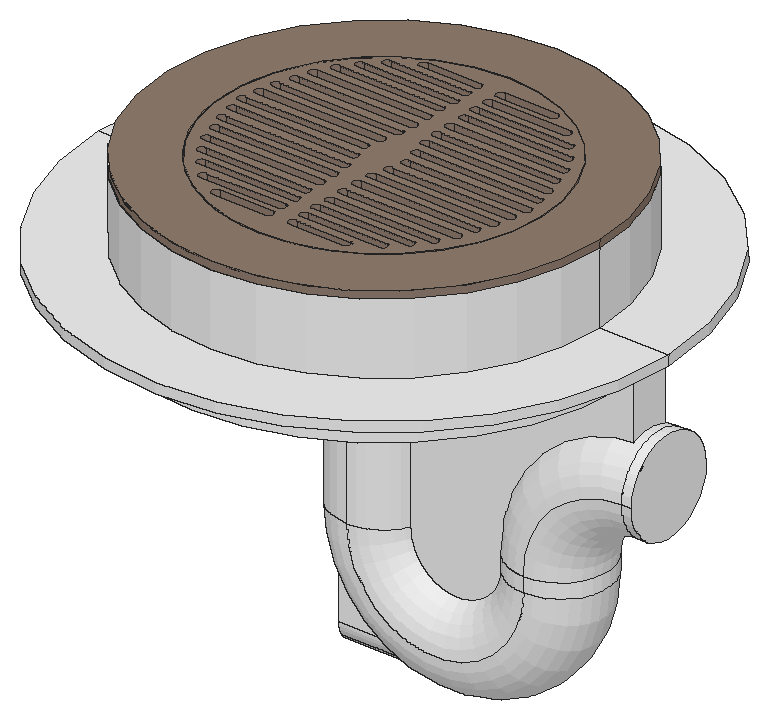
Revit family "Drain_Thoroflush_Zurn-Z300", category Plumbing Fixtures, Revit 2022
Family settings
  Round Connector Dimension = Use Radius
  Part Type = Normal
  OmniClass Number = 23.45.55.21
  OmniClass Title = Drains (Wastes)
  Work Plane-Based = No
  Always vertical = Yes
  Cut with Voids When Loaded = No
  Maintain Annotation Orientation = No
  Shared = No
  Room Calculation Point = No
Parameters (values of type "ZB300-2 Inch Threaded Outlet")
  Width = 14.500"
  Waste Connection = 0 = 0  # yes
  WFU = 1  # constant formula
  Vent Connection = 0 = 1  # no
  URL = "www.zurn.com"
  Type Comments = ""
  Trap Depth = 3.375"
  Trap Connection Radius (Nominal) = 0.250"  # constant formula
  Trap Connection Radius (Inner) = 0.311"  # constant formula
  Trap Connection Radius (Actual) = 0.420"  # constant formula
  Thoroflush Drain = 11.000"
  Product data url = "https://www.bimobject.com/en/zurnindustries/product/zurn-z300"
  Product Page URL = "https://www.zurn.com/products/drainage-interceptors/floor-drains/integral-trap-drains/z300"
  Product Installation Sheet = "https://files.zurn.com/spec-sheets/z300.pdf"
  Product Documentation Link = "https://files.zurn.com/care-cleaning-install-warranty-sheets/fd17-(1).pdf"
  Pipe to Pipe Distance = 4.500"
  Outlet Trap Radius  (Nominal) = 0.375"  # constant formula
  Outlet Trap Radius (Actual) = 0.525"  # constant formula
  Outlet Trap Radius  (Inner) = 0.412"  # constant formula
  Modified Date = "11/26/2025"  # constant formula
  Model = "ZB300"
  Manufacurer Brand = "Zurn"  # constant formula
  Manufacturer = "Zurn Water, LLC"  # constant formula
  Frame and Grate = Bronze - Zurn - Polished
  HWFU = 0  # constant formula
  HW Connection = 0 = 1  # no
  Grate Open Area Sq.in = 18.000"  # constant formula
  Distance to Pipe Face = 7.250"
  Dimension m = 3.000"
  Description = "THOROFLUSH DRAIN"  # constant formula
  Default Elevation = 25.000"  # constant formula
  Date Created = "11/13/2018"  # constant formula
  Connector Radius = [A_ Pipe Size (Nominal)] / 2  # 1.000"
  CWFU = 0  # constant formula
  Main Material = Cast Iron - Zurn - White A.R.E Coated - Interior
  CW Connection = 0 = 1  # no
  Body Height = 9.250"
  Assembly Code = "D2030300"
  Approx. Weight (Lbs) = 50.000"  # constant formula
  A_ Pipe Size (Nominal) = 2.000"
  A_ Pipe Size (Actual-Outer) = 1.188"
  A_ Pipe Size (Actual-Inner) = 1.034"
Types (7): name | Width | Trap Depth | Product Installation Sheet | Product Documentation Link | Pipe to Pipe Distance | Model | Frame and Grate | Distance to Pipe Face | Dimension m | Connector Radius | Body Height | A_ Pipe Size (Nominal) | A_ Pipe Size (Actual-Outer) | A_ Pipe Size (Actual-Inner)
  (no name) | 14.500" | 3.375" | "https://files.zurn.com/spec-sheets/z300.pdf" | "https://files.zurn.com/care-cleaning-install-warranty-sheets/fd17-(1).pdf" | 4.500" | "ZB300" | Bronze - Zurn - Polished | 7.250" | 3.000" | 1.000" | 9.250" | 2.000" | 1.188" | 1.034"
  ZB300-2 Inch Threaded Outlet | 14.500" | 3.375" | "https://files.zurn.com/spec-sheets/z300.pdf" | "https://files.zurn.com/care-cleaning-install-warranty-sheets/fd17-(1).pdf" | 4.500" | "ZB300" | Bronze - Zurn - Polished | 7.250" | 3.000" | 1.000" | 9.250" | 2.000" | 1.188" | 1.034"
  ZB300-3 Inch Threaded Outlet | 14.500" | 3.875" | "https://files.zurn.com/care-cleaning-install-warranty-sheets/fd17-(1).pdf" | "https://files.zurn.com/spec-sheets/z300.pdf" | 4.500" | "ZB300" | Bronze - Zurn - Polished | 7.250" | 2.500" | 1.500" | 9.250" | 3.000" | 1.750" | 1.534"
  ZB300-4 Inch Threaded Outlet | 15.500" | 4.688" | "https://files.zurn.com/care-cleaning-install-warranty-sheets/fd17-(1).pdf" | "https://files.zurn.com/spec-sheets/z300.pdf" | 5.000" | "ZB300" | Bronze - Zurn - Polished | 8.250" | 3.000" | 2.000" | 11.750" | 4.000" | 2.250" | 2.013"
  ZN300-2 Inch Threaded Outlet | 14.500" | 3.375" | "https://files.zurn.com/spec-sheets/z300.pdf" | "https://files.zurn.com/care-cleaning-install-warranty-sheets/fd17-(1).pdf" | 4.500" | "ZN300" | Bronze - Zurn - Polished Nickel | 7.250" | 3.000" | 1.000" | 9.250" | 2.000" | 1.188" | 1.034"
  ZN300-3 Inch Threaded Outlet | 14.500" | 3.875" | "https://files.zurn.com/care-cleaning-install-warranty-sheets/fd17-(1).pdf" | "https://files.zurn.com/spec-sheets/z300.pdf" | 4.500" | "ZN300" | Bronze - Zurn - Polished Nickel | 7.250" | 2.500" | 1.500" | 9.250" | 3.000" | 1.750" | 1.534"
  ZN300-4 Inch Threaded Outlet | 15.500" | 4.688" | "https://files.zurn.com/care-cleaning-install-warranty-sheets/fd17-(1).pdf" | "https://files.zurn.com/spec-sheets/z300.pdf" | 5.000" | "ZN300" | Bronze - Zurn - Polished Nickel | 8.250" | 3.000" | 2.000" | 11.750" | 4.000" | 2.250" | 2.013"
Reference planes (in)
  plane 1 "Center (Front/Back)": y = 0
  plane 2: z = 0
  plane 3 "Center (Left/Right)": x = 0
  plane 4: x = -7.25
  plane 5: x = 7.25
  plane 6: x = -5.5
  plane 7: x = 5.5
  plane 8: z = -2
  plane 9: z = -5
  plane 10: z = -11.25
  plane 11: z = -3.812
  plane 12: z = -6.188
  plane 13: x = -6.11012
  plane 14: x = -1.188
  plane 15: x = -3.5625
  plane 16: z = -7.875
  plane 17: z = -4.375
  plane 18: x = 2.25
  plane 19: x = 4.5
  plane 20: y = 0.5
  plane 21: y = -0.5
  plane 22: z = -10.687
  plane 23: z = -9.125
  plane 24: x = -0.75
  plane 25: x = -0.781
  plane 26: z = -10.83
  plane 27: z = -2.25
  plane 28: x = 6.75
  plane 29: z = -7.24592
  plane 30: z = -3.125
  plane 31: z = -3.188
  plane 32: x = -6.25
  plane 33: x = -5.25
  plane 34: x = 7.25
  plane 35: z = -0.1875
  plane 36: x = 6.75
  plane 37: y = 4
  plane 38: y = -4
  plane 39: y = 2.66667
  plane 40: y = 1.33333
  plane 41: y = -1.33333
  plane 42: y = -2.66667
  plane 43: y = 1.188
  plane 44: y = -1.188
  plane 45: x = -5.25
  plane 46: x = -4.725
  plane 47: x = -5.775
  plane 48: y = 0.76196
  plane 49: y = -0.938
  plane 50: z = -10.41
  plane 51: y = 0.42
  plane 52: y = -0.42
  plane 53: y = 0.525
  plane 54: y = -0.525
  plane 55: z = -10.125
Forms (in)
  Revolve 1, solid, material "Cast Iron - Zurn - White A.R.E Coated - Interior" <- "Main Material", detail levels fine
    sketch origin (0, 0, 0.00133) x (1, 0, 0) y (0, 0, 1)
      loop
        line (-5.5, -0.18883) -> (-5.5, -2.00133) -> (-7.25, -2.00133) -> (-7.25, -2.25133) -> (-6.11012, -2.25133) -> (-6.11012, -3.12633) -> (-3.5625, -3.12633) -> (-1.188, -4.37633) -> (0, -4.37633) -> (0, -0.18883) -> (-5.5, -0.18883)
      axis (0, -0.18883) -> (0, -4.37633)
    angle from 0 to 360
  Sweep 2, solid, material "Cast Iron - Zurn - White A.R.E Coated - Interior" <- "Main Material", detail levels fine
    path origin (-0.0018, 0, -0.00391) x (1, 0, 0) y (0, 0, 1)
      loop
        line (0.0018, -4.37109) -> (0.0018, -7.87109)
        arc (0.0018, -7.87109) -> (2.2518, -10.12109) -> (4.5018, -7.87109) r 2.25
        line (4.5018, -7.87109) -> (4.5018, -7.49609)
        arc (4.5018, -7.49609) -> (5.23403, -5.72833) -> (7.0018, -4.99609) r 2.5
        line (7.0018, -4.99609) -> (7.2518, -4.99609)
    profile origin (0, 0, -6.125) x (0, -1, 0) y (1, 0, 0)
      loop
        circle (0, 0) r 1.188
  Extrusion 3, solid, material "Cast Iron - Zurn - White A.R.E Coated - Interior" <- "Main Material", detail levels fine
    sketch origin (0, 0, 0) x (0, 1, 0) y (0, 0, 1)
      loop
        line (0.5, -10.687) -> (0.5, -9.125) -> (-0.5, -9.125) -> (-0.5, -10.687)
        arc (-0.5, -10.687) -> (0, -11.187) -> (0.5, -10.687) r 0.5
    from -0.75 to 2.25
  Extrusion 4, solid, material "Cast Iron - Zurn - White A.R.E Coated - Interior" <- "Main Material", detail levels fine
    sketch origin (0, 0, 0) x (0, 1, 0) y (0, 0, 1)
      loop
        circle (0, -10.83) r 0.42
    from -0.781 to 2.25
  Extrusion 5, solid, material "Cast Iron - Zurn - White A.R.E Coated - Interior" <- "Main Material", detail levels fine
    sketch origin (0, 0, 0) x (1, 0, 0) y (0, 0, 1)
      loop
        line (6.75, -2.25) -> (0, -2.25) -> (0, -7.875)
        arc (0, -7.875) -> (2.25, -10.125) -> (4.5, -7.875) r 2.25
        line (4.5, -7.875) -> (4.5, -7.25)
        arc (4.5, -7.25) -> (5.15901, -5.65901) -> (6.75, -5) r 2.25
        line (6.75, -5) -> (6.75, -2.25)
    from -0.5 to 0.5
  Extrusion 6, solid, material "Cast Iron - Zurn - White A.R.E Coated - Interior" <- "Main Material", detail levels fine
    sketch origin (0, 0, 0) x (1, 0, 0) y (0, 1, 0)
      loop
        circle (-5.25, 0) r 0.525
    from -3.188 to -2
  Extrusion 7, solid, material "Bronze - Zurn - Polished" <- "Frame and Grate", detail levels fine
    sketch origin (0, 0, 0) x (1, 0, 0) y (0, 1, 0)
      loop
        circle (0, 0) r 5.5
    from -0.1875 to 0
  Extrusion 8, void
    sketch origin (0, 0, 0) x (0, 1, 0) y (1, 0, 0)
      loop
        circle (0, 0) r 4
    from 0 to 0.1875
Cuts and joins
  Extrusion 8 cuts Revolve 1
  Extrusion 8 cuts Sweep 2
  Extrusion 8 cuts Extrusion 3
  Extrusion 8 cuts Extrusion 5
  Extrusion 8 cuts Extrusion 7
Lines and regions (in)
  Masking region 1, detail levels fine
    outline origin (-12.24864, -180, -5) x (-1, 0, 0) y (0, -1, 0)
      loop
        circle (-12.24864, -180) r 7.25
  model lines, detail levels coarse+medium
    curve 1: circle (0, 0, 0) r 5.5 normal (0, 0, 1)
    curve 2: circle (0, 0, 0) r 4 normal (0, 0, 1)
    curve 3: line (-2.98142, 2.66667, 0) -> (2.98142, 2.66667, 0)
    curve 4: line (-3.77124, 1.33333, 0) -> (3.77124, 1.33333, 0)
    curve 5: line (-4, 0, 0) -> (4, 0, 0)
    curve 6: line (-3.77124, -1.33333, 0) -> (3.77124, -1.33333, 0)
    curve 7: line (-2.98142, -2.66667, 0) -> (2.98142, -2.66667, 0)
    curve 8: line (0, 0, 0) -> (0, 0, -7.875)
    curve 9: arc (0, 0, -7.875) -> (2.25, 0, -10.125) -> (4.5, 0, -7.875) r 2.25
    curve 10: arc (4.5, 0, -7.875) -> (5.00885, 0, -5.60901) -> (7.25, 0, -5) r 2.25
    curve 11: line (7.25, 0, -3.812) -> (7.25, 0, -6.188)
    curve 12: line (7.25, 1.188, -5) -> (7.25, -1.188, -5)
    curve 13: line (-5.25, 0, -2) -> (0, 0, -2)
    curve 14: line (-5.25, 0, -2) -> (-5.25, 0, -3.188)
    curve 15: line (-0.781, 0, -10.41) -> (-0.781, 0, -11.25)
    curve 16: line (-0.781, 0, -10.83) -> (2.25, 0, -10.83)
    curve 17: line (-0.781, 0.42, -10.83) -> (-0.781, -0.42, -10.83)
    curve 18: line (-5.775, 0, -3.188) -> (-4.725, 0, -3.188)
    curve 19: line (-5.25, 0.525, -3.188) -> (-5.25, -0.525, -3.188)
    curve 20: line (2.25, 0, -10.125) -> (2.25, 0, -10.83)
Dimensions and locks (in)
  equal spacing: plane 5, plane 3 "Center (Left/Right)", plane 4
  "Width": plane 5 to plane 4
  equal spacing: plane 7, plane 3 "Center (Left/Right)", plane 6
  "Thoroflush Drain": plane 7 to plane 6
  locked: level to plane 8 at 2
  "Dimension m": plane 8 to plane 9
  "Body Height": plane 8 to plane 10
  "A_ Pipe Size (Actual-Outer)": plane 9 to plane 12
  "A_ Pipe Size (Actual-Outer)": plane 11 to plane 9
  "Trap Depth": plane 16 to plane 10
  level to plane 17 = 4.375"
  "A_ Pipe Size (Actual-Outer)": plane 3 "Center (Left/Right)" to plane 14
  equal spacing: plane 19, plane 18, plane 3 "Center (Left/Right)"
  "Pipe to Pipe Distance": plane 19 to plane 3 "Center (Left/Right)"
  level to plane 9 = 5.000"
  Extrusion 3 sketch curve to Extrusion 3 sketch curve = 1.000"
  equal spacing: plane 20, plane 1 "Center (Front/Back)", plane 21
  plane 20 to plane 1 "Center (Front/Back)" = 0.500"
  plane 22 to plane 10 = 0.563"
  plane 23 to plane 10 = 2.125"
  plane 3 "Center (Left/Right)" to plane 24 = 0.750"
  plane 24 to plane 25 = 0.031"
  plane 26 to plane 10 = 0.420"  (x2)
  plane 8 to plane 27 = 0.250"
  plane 28 to plane 19 = 2.250"
  plane 8 to plane 30 = 1.125"
  plane 30 to plane 31 = 0.063"
  plane 6 to plane 7 = 11.000"
  plane 32 to plane 6 = 0.750"
  plane 32 to plane 33 = 1.000"
  "Distance to Pipe Face": plane 34 to plane 3 "Center (Left/Right)"
  level to plane 35 = 0.1875"
  equal spacing: plane 37, plane 1 "Center (Front/Back)", plane 38
  plane 37 to plane 38 = 8.000"
  plane 37 to plane 39 to plane 40 to plane 1 "Center (Front/Back)" to plane 41 to plane 42 to plane 38 = 1.33333", 1.33333", 1.33333", 1.33333", 1.33333", 1.33333"
  plane 44 to plane 1 "Center (Front/Back)" = 1.188"
  plane 1 "Center (Front/Back)" to plane 43 = 1.188"
  "A_ Pipe Size (Actual-Outer)": plane 43 to plane 1 "Center (Front/Back)"
  "A_ Pipe Size (Actual-Outer)": plane 1 "Center (Front/Back)" to plane 44
  plane 45 to plane 32 = 1.000"
  plane 46 to plane 45 = 0.525"
  plane 45 to plane 47 = 0.525"
  plane 50 to plane 26 = 0.420"
  plane 51 to plane 1 "Center (Front/Back)" = 0.420"
  plane 1 "Center (Front/Back)" to plane 52 = 0.420"
  plane 53 to plane 1 "Center (Front/Back)" = 0.525"
  plane 1 "Center (Front/Back)" to plane 54 = 0.525"
  plane 55 to plane 26 = 0.705"
  "A_ Pipe Size (Actual-Outer)": radius of Sweep 2 sketch curve
  "Trap Connection Radius (Actual)": radius of Extrusion 4 sketch curve
  radius of Extrusion 5 sketch curve = 2.250"
  aligned and locked: plane 2 to level
  aligned and locked: Revolve 1 sketch curve to plane 6
  aligned and locked: plane 8 to Revolve 1 sketch curve
  aligned and locked: plane 3 "Center (Left/Right)" to Revolve 1 sketch curve
  aligned and locked: Revolve 1 sketch curve to plane 3 "Center (Left/Right)"
  aligned and locked: Revolve 1 sketch curve to plane 13
  aligned and locked: plane 15 to Revolve 1 sketch curve
  aligned and locked: Sweep 2 sketch curve to plane 3 "Center (Left/Right)"
  aligned and locked: plane 3 "Center (Left/Right)" to Sweep 2 sketch curve
  aligned and locked: plane 1 "Center (Front/Back)" to Sweep 2 sketch curve
  aligned and locked: Revolve 1 sketch curve to plane 17
  aligned and locked: plane 14 to Revolve 1 sketch curve
  aligned and locked: plane 17 to Sweep 2 sketch curve
  aligned and locked: plane 23 to Extrusion 3 sketch curve
  aligned and locked: Extrusion 3 sketch curve to plane 21
  aligned and locked: plane 22 to Extrusion 3 sketch curve
  aligned and locked: plane 1 "Center (Front/Back)" to Extrusion 3 sketch curve
  aligned and locked: Extrusion 3 to plane 24
  aligned and locked: plane 18 to Extrusion 3
  aligned and locked: plane 1 "Center (Front/Back)" to Extrusion 4 sketch curve
  aligned and locked: plane 26 to Extrusion 4 sketch curve
  aligned and locked: Extrusion 4 to plane 25
  aligned and locked: plane 18 to Extrusion 4
  aligned and locked: Revolve 1 sketch curve to plane 27
  aligned and locked: plane 27 to Extrusion 5 sketch curve
  aligned and locked: Extrusion 5 sketch curve to plane 3 "Center (Left/Right)"
  aligned and locked: Extrusion 5 sketch curve to plane 28
  aligned and locked: plane 16 to Extrusion 5 sketch curve  (x3)
  aligned and locked: plane 18 to Extrusion 5 sketch curve
  aligned and locked: Extrusion 5 to plane 20
  aligned and locked: plane 21 to Extrusion 5
  aligned and locked: plane 30 to Revolve 1
  aligned and locked: plane 33 to Extrusion 6 sketch curve
  aligned and locked: plane 1 "Center (Front/Back)" to Extrusion 6 sketch curve
  aligned and locked: Extrusion 6 to plane 31
  aligned and locked: plane 8 to Extrusion 6
  aligned and locked: plane 16 to Sweep 2 sketch curve
  aligned and locked: plane 19 to Sweep 2 sketch curve
  aligned and locked: Sweep 2 sketch curve to plane 9
  aligned and locked: plane 34 to Sweep 2 sketch curve
  aligned and locked: plane 9 to Extrusion 5 sketch curve
  aligned and locked: Extrusion 7 to plane 35
  aligned and locked: level to Extrusion 7
  aligned and locked: plane 35 to Revolve 1 sketch curve
  aligned and locked: plane 3 "Center (Left/Right)" to Extrusion 8 sketch curve
  aligned and locked: plane 1 "Center (Front/Back)" to Extrusion 8 sketch curve
  aligned and locked: Revolve 1 to Extrusion 8
  aligned and locked: level to Extrusion 8
  aligned and locked: plane 1 "Center (Front/Back)" to nested 1
  aligned and locked: plane 3 "Center (Left/Right)" to nested 1
  aligned and locked: plane 3 "Center (Left/Right)" to curve 1
  aligned and locked: plane 1 "Center (Front/Back)" to curve 1
  aligned and locked: plane 3 "Center (Left/Right)" to curve 2
  aligned and locked: plane 1 "Center (Front/Back)" to curve 2
  aligned and locked: curve 3 to plane 39
  aligned and locked: curve 4 to plane 40
  aligned and locked: curve 6 to plane 41
  aligned and locked: curve 7 to plane 42
  aligned and locked: plane 1 "Center (Front/Back)" to curve 5
  aligned and locked: level to curve 8
  aligned and locked: plane 16 to curve 8
  aligned and locked: plane 18 to curve 9
  aligned and locked: plane 19 to curve 9
  aligned and locked: plane 16 to curve 9
  aligned and locked: plane 9 to curve 10
  aligned and locked: plane 11 to curve 11
  aligned and locked: plane 12 to curve 11
  aligned and locked: curve 11 to plane 34
  aligned and locked: plane 43 to curve 12
  aligned and locked: plane 44 to curve 12
  aligned and locked: curve 12 to plane 9
  aligned and locked: plane 3 "Center (Left/Right)" to curve 13
  aligned and locked: curve 13 to plane 8
  aligned and locked: plane 31 to curve 14
  aligned and locked: curve 14 to plane 45
  aligned and locked: plane 50 to curve 15
  aligned and locked: plane 10 to curve 15
  aligned and locked: curve 15 to plane 25
  aligned and locked: plane 25 to curve 16
  aligned and locked: plane 18 to curve 16
  aligned and locked: curve 16 to plane 26
  aligned and locked: plane 51 to curve 17
  aligned and locked: plane 52 to curve 17
  aligned and locked: curve 17 to plane 26
  aligned and locked: plane 47 to curve 18
  aligned and locked: plane 46 to curve 18
  aligned and locked: curve 18 to plane 31
  aligned and locked: plane 53 to curve 19
  aligned and locked: plane 54 to curve 19
  aligned and locked: curve 19 to plane 31
  aligned and locked: plane 55 to curve 20
  aligned and locked: plane 26 to curve 20
  aligned and locked: curve 20 to plane 18
  aligned and locked: plane 3 "Center (Left/Right)" to Masking region 1 sketch curve
  aligned and locked: plane 1 "Center (Front/Back)" to Masking region 1 sketch curve
Automatic sketch dimensions
  Sweep 2 sketch curve to plane 5 = 0.250"
  Revolve 1 sketch curve to plane 4 = 0.000"
  Revolve 1 sketch curve to plane 30 = 0.000"
  Revolve 1 sketch curve to plane 10 = 0.250"
  level to Revolve 1 sketch curve = 4.250"
  plane 1 "Center (Front/Back)" to Extrusion 7 sketch curve = 0.000"
  Extrusion 7 sketch curve to plane 3 "Center (Left/Right)" = 0.000"
  plane 18 to curve 7 = 0.73142"
  curve 10 to plane 5 = 0.61521"
  radius of Extrusion 6 sketch curve = 0.525"
  radius of Extrusion 7 sketch curve = 5.500"
  radius of Extrusion 8 sketch curve = 4.000"
  radius of curve 1 = 5.500"
  radius of Masking region 1 sketch curve = 7.250"
Nested families (in)
  nested 1: "Grates" at (0, 0, 0), Grate Material <- "Frame and Grate", type "Grates", detail levels fine
    with Grate Material Bronze - Zurn - Polished
Connectors (in)
  piping at (7.25, 0, -5), diameter 2, driven by "Connector Radius", driven by "Waste Connection"
    settings: on cut or joined group of Sweep 2, Extrusion 8, index 1, connector inside diameter 24", connector length 0.000", flow factor 0, pipe flow 0 GPM, pressure drop 0.00 psi, fitting loss kfactor 0, connector angle 0.00°, fixture units 0, engagement length 0.000", angle of deflection 0.00°, flow configuration 0, flow direction 2, fitting loss method 0, system type 16, joint type 0, gender type 0, connector reference index -1, connector utility 1, adjustable connector no, is connector primary yes, connector description "Outlet Connection"
  piping at (-5.25, 0, -3.188), diameter 0.75, driven by "Outlet Trap Radius  (Nominal)", driven by "Waste Connection"
    settings: on Extrusion 6, index 2, connector inside diameter 24", connector length 0.000", flow factor 0, pipe flow 0 GPM, pressure drop 0.00 psi, fitting loss kfactor 0, connector angle 0.00°, fixture units 0, engagement length 0.000", angle of deflection 0.00°, flow configuration 0, flow direction 2, fitting loss method 0, system type 16, joint type 0, gender type 0, connector reference index -1, connector utility 1, adjustable connector no, is connector primary no, connector description "Trap Primer Connection"
  piping at (-0.781, 0, -10.83), diameter 0.5, driven by "Trap Connection Radius (Nominal)", driven by "Waste Connection"
    settings: on Extrusion 4, index 3, connector inside diameter 24", connector length 0.000", flow factor 0, pipe flow 0 GPM, pressure drop 0.00 psi, fitting loss kfactor 0, connector angle 0.00°, fixture units 0, engagement length 0.000", angle of deflection 0.00°, flow configuration 0, flow direction 1, fitting loss method 0, system type 16, joint type 0, gender type 0, connector reference index -1, connector utility 1, adjustable connector no, is connector primary no, connector description "Trap Flushing Inlet"
Definition of nested family "Grates"
  Parameters (values of type "Grates")
    URL = "www.zurn.com"
    Product data url = ""
    Product Page URL = ""
    Product Installation Sheet URL = ""
    Product Documentation Link = ""
    Modified Date = ""
    Manufacurer Brand = "Zurn"  # constant formula
    Manufacturer = "Zurn Water, LLC"  # constant formula
    Grate Material [instance] = none
    Default Elevation = 0.000"
    Date Created = ""
    Approx. Weight (Lbs) = 0.000"
  Reference planes (in)
    plane 1 "Center (Front/Back)": y = 0
    plane 2: z = 0
    plane 3 "Center (Left/Right)": x = 0
    plane 4: x = -4
    plane 5: x = 4
    plane 6: y = 4
    plane 7: y = -4
    plane 8: z = -0.188
  Forms (in)
    Extrusion 1, solid, material <- "Grate Material"
      sketch origin (0, 0, 0) x (1, 0, 0) y (0, 1, 0)
        loop
          circle (0, 0) r 4
      from 0 to -0.188
    Extrusion 2, void
      sketch origin (0, 0, 0) x (1, 0, 0) y (0, 1, 0)
        loop
          arc (-3.62462, 0.15229) -> (-3.73635, 0.04056) -> (-3.62462, -0.07117) r 0.11173
          line (-3.62462, -0.07117) -> (-0.54166, -0.07117)
          arc (-0.54166, -0.07117) -> (-0.42993, 0.04056) -> (-0.54166, 0.15229) r 0.11173
          line (-0.54166, 0.15229) -> (-3.62462, 0.15229)
        loop
          arc (-3.5452, 0.58729) -> (-3.65693, 0.47556) -> (-3.5452, 0.36383) r 0.11173
          line (-3.5452, 0.36383) -> (-0.44767, 0.36383)
          arc (-0.44767, 0.36383) -> (-0.33594, 0.47556) -> (-0.44767, 0.58729) r 0.11173
          line (-0.44767, 0.58729) -> (-3.5452, 0.58729)
        loop
          arc (-3.46317, 1.01541) -> (-3.5749, 0.90368) -> (-3.46317, 0.79195) r 0.11173
          line (-3.46317, 0.79195) -> (-0.34306, 0.79195)
          arc (-0.34306, 0.79195) -> (-0.23133, 0.90368) -> (-0.34306, 1.01541) r 0.11173
          line (-0.34306, 1.01541) -> (-3.46317, 1.01541)
        loop
          arc (-3.31331, 1.42715) -> (-3.42503, 1.31542) -> (-3.31331, 1.20369) r 0.11173
          line (-3.31331, 1.20369) -> (-0.30463, 1.20369)
          arc (-0.30463, 1.20369) -> (-0.1929, 1.31542) -> (-0.30463, 1.42715) r 0.11173
          line (-0.30463, 1.42715) -> (-3.31331, 1.42715)
        loop
          arc (-3.18966, 1.85874) -> (-3.30139, 1.74701) -> (-3.18966, 1.63528) r 0.11173
          line (-3.18966, 1.63528) -> (-0.30042, 1.63528)
          arc (-0.30042, 1.63528) -> (-0.18869, 1.74701) -> (-0.30042, 1.85874) r 0.11173
          line (-0.30042, 1.85874) -> (-3.18966, 1.85874)
        loop
          arc (-2.95791, 2.2917) -> (-3.06964, 2.17997) -> (-2.95791, 2.06824) r 0.11173
          line (-2.95791, 2.06824) -> (-0.30753, 2.06824)
          arc (-0.30753, 2.06824) -> (-0.1958, 2.17997) -> (-0.30753, 2.2917) r 0.11173
          line (-0.30753, 2.2917) -> (-2.95791, 2.2917)
        loop
          arc (-2.65404, 2.68303) -> (-2.76577, 2.5713) -> (-2.65404, 2.45957) r 0.11173
          line (-2.65404, 2.45957) -> (-0.27238, 2.45957)
          arc (-0.27238, 2.45957) -> (-0.16065, 2.5713) -> (-0.27238, 2.68303) r 0.11173
          line (-0.27238, 2.68303) -> (-2.65404, 2.68303)
        loop
          arc (-2.28308, 3.08385) -> (-2.39481, 2.97212) -> (-2.28308, 2.86039) r 0.11173
          line (-2.28308, 2.86039) -> (-0.28957, 2.86039)
          arc (-0.28957, 2.86039) -> (-0.17784, 2.97212) -> (-0.28957, 3.08385) r 0.11173
          line (-0.28957, 3.08385) -> (-2.28308, 3.08385)
        loop
          arc (-1.66006, 3.46141) -> (-1.77179, 3.34968) -> (-1.66006, 3.23795) r 0.11173
          line (-1.66006, 3.23795) -> (-0.29945, 3.23795)
          arc (-0.29945, 3.23795) -> (-0.18772, 3.34968) -> (-0.29945, 3.46141) r 0.11173
          line (-0.29945, 3.46141) -> (-1.66006, 3.46141)
        loop
          line (-3.5452, -0.49369) -> (-0.44767, -0.49369)
          arc (-0.44767, -0.49369) -> (-0.33594, -0.38196) -> (-0.44767, -0.27023) r 0.11173
          line (-0.44767, -0.27023) -> (-3.5452, -0.27023)
          arc (-3.5452, -0.27023) -> (-3.65693, -0.38196) -> (-3.5452, -0.49369) r 0.11173
        loop
          line (-3.46317, -0.92181) -> (-0.34306, -0.92181)
          arc (-0.34306, -0.92181) -> (-0.23133, -0.81008) -> (-0.34306, -0.69835) r 0.11173
          line (-0.34306, -0.69835) -> (-3.46317, -0.69835)
          arc (-3.46317, -0.69835) -> (-3.5749, -0.81008) -> (-3.46317, -0.92181) r 0.11173
        loop
          line (-3.31331, -1.33355) -> (-0.30463, -1.33355)
          arc (-0.30463, -1.33355) -> (-0.1929, -1.22182) -> (-0.30463, -1.11009) r 0.11173
          line (-0.30463, -1.11009) -> (-3.31331, -1.11009)
          arc (-3.31331, -1.11009) -> (-3.42503, -1.22182) -> (-3.31331, -1.33355) r 0.11173
        loop
          line (-3.18966, -1.76514) -> (-0.30042, -1.76514)
          arc (-0.30042, -1.76514) -> (-0.18869, -1.65341) -> (-0.30042, -1.54168) r 0.11173
          line (-0.30042, -1.54168) -> (-3.18966, -1.54168)
          arc (-3.18966, -1.54168) -> (-3.30139, -1.65341) -> (-3.18966, -1.76514) r 0.11173
        loop
          line (-2.95791, -2.1981) -> (-0.30753, -2.1981)
          arc (-0.30753, -2.1981) -> (-0.1958, -2.08637) -> (-0.30753, -1.97464) r 0.11173
          line (-0.30753, -1.97464) -> (-2.95791, -1.97464)
          arc (-2.95791, -1.97464) -> (-3.06964, -2.08637) -> (-2.95791, -2.1981) r 0.11173
        loop
          line (-2.65404, -2.58943) -> (-0.27238, -2.58943)
          arc (-0.27238, -2.58943) -> (-0.16065, -2.4777) -> (-0.27238, -2.36597) r 0.11173
          line (-0.27238, -2.36597) -> (-2.65404, -2.36597)
          arc (-2.65404, -2.36597) -> (-2.76577, -2.4777) -> (-2.65404, -2.58943) r 0.11173
        loop
          line (-2.28308, -2.99025) -> (-0.28957, -2.99025)
          arc (-0.28957, -2.99025) -> (-0.17784, -2.87852) -> (-0.28957, -2.76679) r 0.11173
          line (-0.28957, -2.76679) -> (-2.28308, -2.76679)
          arc (-2.28308, -2.76679) -> (-2.39481, -2.87852) -> (-2.28308, -2.99025) r 0.11173
        loop
          line (-1.66006, -3.36781) -> (-0.29945, -3.36781)
          arc (-0.29945, -3.36781) -> (-0.18772, -3.25608) -> (-0.29945, -3.14435) r 0.11173
          line (-0.29945, -3.14435) -> (-1.66006, -3.14435)
          arc (-1.66006, -3.14435) -> (-1.77179, -3.25608) -> (-1.66006, -3.36781) r 0.11173
        loop
          line (3.62462, 0.15229) -> (0.54166, 0.15229)
          arc (0.54166, 0.15229) -> (0.42993, 0.04056) -> (0.54166, -0.07117) r 0.11173
          line (0.54166, -0.07117) -> (3.62462, -0.07117)
          arc (3.62462, -0.07117) -> (3.73635, 0.04056) -> (3.62462, 0.15229) r 0.11173
        loop
          line (3.5452, 0.58729) -> (0.44767, 0.58729)
          arc (0.44767, 0.58729) -> (0.33594, 0.47556) -> (0.44767, 0.36383) r 0.11173
          line (0.44767, 0.36383) -> (3.5452, 0.36383)
          arc (3.5452, 0.36383) -> (3.65693, 0.47556) -> (3.5452, 0.58729) r 0.11173
        loop
          line (3.46317, 1.01541) -> (0.34306, 1.01541)
          arc (0.34306, 1.01541) -> (0.23133, 0.90368) -> (0.34306, 0.79195) r 0.11173
          line (0.34306, 0.79195) -> (3.46317, 0.79195)
          arc (3.46317, 0.79195) -> (3.5749, 0.90368) -> (3.46317, 1.01541) r 0.11173
        loop
          line (3.31331, 1.42715) -> (0.30463, 1.42715)
          arc (0.30463, 1.42715) -> (0.1929, 1.31542) -> (0.30463, 1.20369) r 0.11173
          line (0.30463, 1.20369) -> (3.31331, 1.20369)
          arc (3.31331, 1.20369) -> (3.42503, 1.31542) -> (3.31331, 1.42715) r 0.11173
        loop
          line (3.18966, 1.85874) -> (0.30042, 1.85874)
          arc (0.30042, 1.85874) -> (0.18869, 1.74701) -> (0.30042, 1.63528) r 0.11173
          line (0.30042, 1.63528) -> (3.18966, 1.63528)
          arc (3.18966, 1.63528) -> (3.30139, 1.74701) -> (3.18966, 1.85874) r 0.11173
        loop
          line (2.95791, 2.2917) -> (0.30753, 2.2917)
          arc (0.30753, 2.2917) -> (0.1958, 2.17997) -> (0.30753, 2.06824) r 0.11173
          line (0.30753, 2.06824) -> (2.95791, 2.06824)
          arc (2.95791, 2.06824) -> (3.06964, 2.17997) -> (2.95791, 2.2917) r 0.11173
        loop
          line (2.65404, 2.68303) -> (0.27238, 2.68303)
          arc (0.27238, 2.68303) -> (0.16065, 2.5713) -> (0.27238, 2.45957) r 0.11173
          line (0.27238, 2.45957) -> (2.65404, 2.45957)
          arc (2.65404, 2.45957) -> (2.76577, 2.5713) -> (2.65404, 2.68303) r 0.11173
        loop
          line (2.28308, 3.08385) -> (0.28957, 3.08385)
          arc (0.28957, 3.08385) -> (0.17784, 2.97212) -> (0.28957, 2.86039) r 0.11173
          line (0.28957, 2.86039) -> (2.28308, 2.86039)
          arc (2.28308, 2.86039) -> (2.39481, 2.97212) -> (2.28308, 3.08385) r 0.11173
        loop
          line (1.66006, 3.46141) -> (0.29945, 3.46141)
          arc (0.29945, 3.46141) -> (0.18772, 3.34968) -> (0.29945, 3.23795) r 0.11173
          line (0.29945, 3.23795) -> (1.66006, 3.23795)
          arc (1.66006, 3.23795) -> (1.77179, 3.34968) -> (1.66006, 3.46141) r 0.11173
        loop
          arc (3.5452, -0.49369) -> (3.65693, -0.38196) -> (3.5452, -0.27023) r 0.11173
          line (3.5452, -0.27023) -> (0.44767, -0.27023)
          arc (0.44767, -0.27023) -> (0.33594, -0.38196) -> (0.44767, -0.49369) r 0.11173
          line (0.44767, -0.49369) -> (3.5452, -0.49369)
        loop
          arc (3.46317, -0.92181) -> (3.5749, -0.81008) -> (3.46317, -0.69835) r 0.11173
          line (3.46317, -0.69835) -> (0.34306, -0.69835)
          arc (0.34306, -0.69835) -> (0.23133, -0.81008) -> (0.34306, -0.92181) r 0.11173
          line (0.34306, -0.92181) -> (3.46317, -0.92181)
        loop
          arc (3.31331, -1.33355) -> (3.42503, -1.22182) -> (3.31331, -1.11009) r 0.11173
          line (3.31331, -1.11009) -> (0.30463, -1.11009)
          arc (0.30463, -1.11009) -> (0.1929, -1.22182) -> (0.30463, -1.33355) r 0.11173
          line (0.30463, -1.33355) -> (3.31331, -1.33355)
        loop
          arc (3.18966, -1.76514) -> (3.30139, -1.65341) -> (3.18966, -1.54168) r 0.11173
          line (3.18966, -1.54168) -> (0.30042, -1.54168)
          arc (0.30042, -1.54168) -> (0.18869, -1.65341) -> (0.30042, -1.76514) r 0.11173
          line (0.30042, -1.76514) -> (3.18966, -1.76514)
        loop
          arc (2.95791, -2.1981) -> (3.06964, -2.08637) -> (2.95791, -1.97464) r 0.11173
          line (2.95791, -1.97464) -> (0.30753, -1.97464)
          arc (0.30753, -1.97464) -> (0.1958, -2.08637) -> (0.30753, -2.1981) r 0.11173
          line (0.30753, -2.1981) -> (2.95791, -2.1981)
        loop
          arc (2.65404, -2.58943) -> (2.76577, -2.4777) -> (2.65404, -2.36597) r 0.11173
          line (2.65404, -2.36597) -> (0.27238, -2.36597)
          arc (0.27238, -2.36597) -> (0.16065, -2.4777) -> (0.27238, -2.58943) r 0.11173
          line (0.27238, -2.58943) -> (2.65404, -2.58943)
        loop
          arc (2.28308, -2.99025) -> (2.39481, -2.87852) -> (2.28308, -2.76679) r 0.11173
          line (2.28308, -2.76679) -> (0.28957, -2.76679)
          arc (0.28957, -2.76679) -> (0.17784, -2.87852) -> (0.28957, -2.99025) r 0.11173
          line (0.28957, -2.99025) -> (2.28308, -2.99025)
        loop
          arc (1.66006, -3.36781) -> (1.77179, -3.25608) -> (1.66006, -3.14435) r 0.11173
          line (1.66006, -3.14435) -> (0.29945, -3.14435)
          arc (0.29945, -3.14435) -> (0.18772, -3.25608) -> (0.29945, -3.36781) r 0.11173
          line (0.29945, -3.36781) -> (1.66006, -3.36781)
      from 0 to -0.188
  Cuts and joins
    Extrusion 2 cuts Extrusion 1
  Dimensions and locks (in)
    equal spacing: plane 4, plane 3 "Center (Left/Right)", plane 5
    equal spacing: plane 6, plane 1 "Center (Front/Back)", plane 7
    plane 4 to plane 5 = 8.000"
    plane 6 to plane 7 = 8.000"
    plane 5 to plane 4 = 8.000"
    level to plane 8 = 0.188"
    aligned and locked: plane 2 to level
    aligned and locked: plane 3 "Center (Left/Right)" to Extrusion 1 sketch curve
    aligned and locked: plane 1 "Center (Front/Back)" to Extrusion 1 sketch curve
    aligned and locked: Extrusion 1 to level
    aligned and locked: Extrusion 1 to plane 8
    aligned and locked: Extrusion 2 to level
    aligned and locked: Extrusion 2 to plane 8
  Automatic sketch dimensions
    plane 1 "Center (Front/Back)" to Extrusion 2 sketch curve = 0.07117"  (x2)
    plane 4 to Extrusion 2 sketch curve = 0.37538"
    Extrusion 2 sketch curve to Extrusion 2 sketch curve = 0.07942"  (x2)
    plane 4 to Extrusion 2 sketch curve = 0.4548"
    Extrusion 2 sketch curve to Extrusion 2 sketch curve = 0.08204"  (x3)
    plane 4 to Extrusion 2 sketch curve = 0.53683"
    Extrusion 2 sketch curve to Extrusion 2 sketch curve = 0.14986"  (x4)
    Extrusion 2 sketch curve to Extrusion 2 sketch curve = 0.12364"  (x4)
    Extrusion 2 sketch curve to Extrusion 2 sketch curve = 0.23175"  (x4)
    Extrusion 2 sketch curve to Extrusion 2 sketch curve = 0.30387"  (x4)
    Extrusion 2 sketch curve to Extrusion 2 sketch curve = 0.37096"  (x4)
    Extrusion 2 sketch curve to Extrusion 2 sketch curve = 0.62301"  (x4)
    Extrusion 2 sketch curve to plane 3 "Center (Left/Right)" = 0.54166"
    Extrusion 2 sketch curve to Extrusion 2 sketch curve = 0.09399"  (x3)
    Extrusion 2 sketch curve to Extrusion 2 sketch curve = 0.000"  (x16)
    Extrusion 2 sketch curve to Extrusion 2 sketch curve = 0.10461"  (x4)
    Extrusion 2 sketch curve to plane 3 "Center (Left/Right)" = 0.30753"  (x2)
    Extrusion 2 sketch curve to Extrusion 2 sketch curve = 0.03843"  (x5)
    Extrusion 2 sketch curve to Extrusion 2 sketch curve = 0.00421"  (x3)
    Extrusion 2 sketch curve to Extrusion 2 sketch curve = 0.00711"
    Extrusion 2 sketch curve to plane 3 "Center (Left/Right)" = 0.29945"  (x2)
    Extrusion 2 sketch curve to Extrusion 2 sketch curve = 0.00989"  (x4)
    Extrusion 2 sketch curve to Extrusion 2 sketch curve = 0.01719"  (x3)
    Extrusion 2 sketch curve to Extrusion 2 sketch curve = 0.03515"  (x3)
    plane 3 "Center (Left/Right)" to Extrusion 2 sketch curve = 0.27238"  (x2)
    plane 3 "Center (Left/Right)" to Extrusion 2 sketch curve = 0.30042"  (x2)
    Extrusion 2 sketch curve to plane 1 "Center (Front/Back)" = 0.04056"  (x2)
    plane 7 to Extrusion 2 sketch curve = 0.63219"  (x2)
    Extrusion 2 sketch curve to Extrusion 2 sketch curve = 1.36061"  (x2)
    Extrusion 2 sketch curve to plane 6 = 0.76205"
    Extrusion 2 sketch curve to Extrusion 2 sketch curve = 0.11173"  (x32)
    Extrusion 2 sketch curve to Extrusion 2 sketch curve = 0.1541"  (x3)
    Extrusion 2 sketch curve to Extrusion 2 sketch curve = 0.17736"  (x4)
    Extrusion 2 sketch curve to Extrusion 2 sketch curve = 0.16787"  (x4)
    Extrusion 2 sketch curve to Extrusion 2 sketch curve = 0.20951"  (x4)
    Extrusion 2 sketch curve to Extrusion 2 sketch curve = 0.20813"  (x4)
    Extrusion 2 sketch curve to Extrusion 2 sketch curve = 0.18828"  (x4)
    Extrusion 2 sketch curve to Extrusion 2 sketch curve = 0.20465"  (x4)
    Extrusion 2 sketch curve to Extrusion 2 sketch curve = 0.21155"  (x2)
    radius of Extrusion 1 sketch curve = 4.000"
